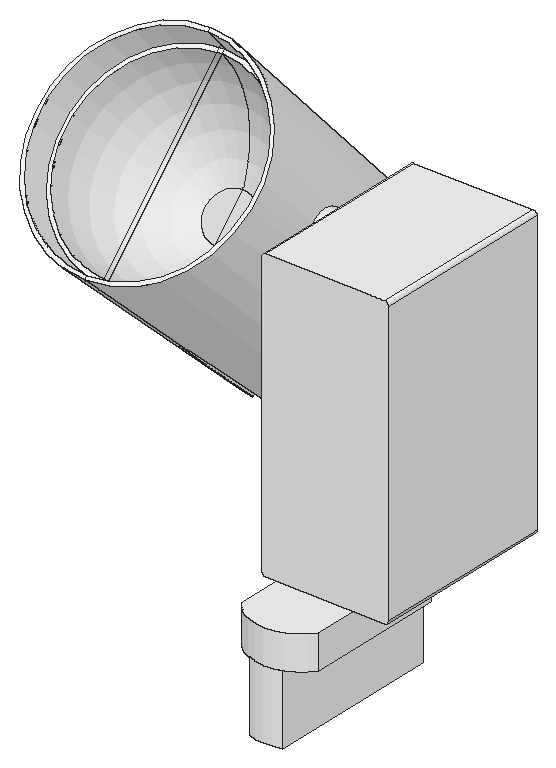
Revit family "0004871 Feilo Sylvania Lighting Fixture START TRACK SPOT S 14W 4K RA90 NB WHITE", category Lighting Fixtures, host Face, Revit 2017
Family settings
  Host = Face
  Round Connector Dimension = Use Diameter
  Part Type = Normal
  OmniClass Number = 23.80.70.00
  OmniClass Title = Lighting
  Cut with Voids When Loaded = No
  Light Source = No
  Shared = No
  Room Calculation Point = No
Parameters (values of type "0004871 START TRACK SPOT S 14W 4K RA90 NB WHITE")
  Weight = "0.94 kg"
  Wattage Comments = ""
  WarrantyStartDate [instance] = "n/a"
  WarrantyGuarantorParts = "n/a"
  WarrantyDurationUnit = "n/a"
  WarrantyDurationParts = "n/a"
  WarrantyDescription = "n/a"
  Voltage = 230 V
  URL = "http://www.sylvania-lighting.com"
  TypeName = "START TRACK SPOT S 14W 4K RA90 NB WHITE"
  TypeHead_FEILO = Start Track Spot Head : 0004871 START TRACK SPOT S 14W 4K RA90 NB WHITE
  TypeBox_FEILO = Start Track Spot Box : Type Small White
  Type Image = <None>
  Type Comments = "n/a"
  VerticalRotation_FEILO [instance] = 0.00°
  SlideEndAngle_FEILO [instance] = VerticalRotation_FEILO + 180.00°  # 180.00°
  SerialNumber [instance] = "n/a"
  Material_3_FEILO = none
  PowerFactor = 0.92
  PowerConsumption = "14 W"
  NominalLength = 0 mm
  NominalHeight = 200 mm
  NominalDepth = 140 mm
  Name = "START TRACK SPOT S 14W 4K RA90 NB WHITE"
  ModelReference = Name  # "START TRACK SPOT S 14W 4K RA90 NB WHITE"
  ModelNumber = "0004871"
  Model = Name  # "START TRACK SPOT S 14W 4K RA90 NB WHITE"
  Material = "adc12 aluminium housing, polycarbonate diffuser"
  ManufacturerName = "Feilo Sylvania"
  Manufacturer = "Feilo Sylvania"
  LuminousEfficacy = "96 lm/W"
  LuminaireType = ""
  LightOutputRatio = "100"
  LampsType = Lamp  # "LED"
  LampNominalLuminous = "1349 lm"
  LampMacAdamStep = "3"
  LampColourTemperature = "4000 K"
  LampColourRenderingIndex = "90"
  Lamp = "LED"
  Keynote = "16500"
  InstallationDate [instance] = "n/a"
  InputVoltage = "230-240V~"
  InputNominalFrequency = "50/60 Hz"
  IngressProtection = "IP20"
  ImpactProtectionIndex = "IK02"
  IfcExportType = "IfcLightFixtureType"
  IfcExportAs = "IfcLightFixtureType"
  HorizontalRotation_FEILO [instance] = 45.00°
  ExpectedLife = 50000
  ElectricShockClassification = "Class II"
  DurationUnit = "hours"
  DocumentationLiterature = "http://www.sylvania-lighting.com/product/en-int/products/0004871"
  DimmingControlOptions = "Non dimmable"
  Material_2_FEILO = none
  Description = "Integrated LED spotlight, Textured White - RAL9016, compact and minimalist design, ideal for retail applications, die-cast aluminium body, passive cooling heatsink. Beam angle: 12°, color temperature: 4000K , total system power: 14W, total fixture output: 1349 lm, LOR: 100%, colour rendering: Ra: 90 typical, LED Chromaticity: 3 step MacAdam ellipse, lifetime: >50000 hours at L70B50, energy class: A++, A+, A, IR/UV free light source without heat radiation, operating voltage: 220-240V / 50-60Hz, drive current: 350mA, electronic driver, non-dimmable, power factor: 0.92, electrical protection: Class II, Global Track 3 Phase adapter suitable for Global trac 3-circuit tracks, ingress protection rating: IP20, suitable for internal environment only, horizontal rotation: 355°, vertical tilt: 90°, dimensions: Ø86x140x200, weight: 0.940kg."
  Default Elevation = 1219.2 mm
  CreatedOn = "12/12/2017"
  CreatedBy = ""
  Cost = 0
  built-in parameter 1114216 [instance] = (empty or 0)
  ClassificationValue = "EF_70_80"
  ClassificationName = "Uniclass2015"
  Material_1_FEILO = Body-Sylvania-StartTrackSpot-White
  BarCode [instance] = "n/a"
  AssetType = "Fixed"
  AssetIdentifier [instance] = "n/a"
  Assembly Code = "D5020200"
  Apparent Load = 14 VA
  Material_4_FEILO = none
Reference planes
  plane 1 "Center (Front/Back)": y = 0
  plane 2: z = 0
  plane 3 "Center (Left/Right)": x = 0
  plane 4: x = 15
  plane 5: x = -15
  plane 6: y = 35
  plane 7: y = -35
  plane 8: z = 13
  plane 9: z = -27
  plane 10: x = 6.5
  plane 11: x = -6.5
  plane 12: y = 27
  plane 13: y = -27
  plane 14: y = 20
Forms (mm)
  Extrusion 1, solid, material "Body-Sylvania-StartTrackSpot-White" <- "Material_1_FEILO"
    sketch origin (0, 0, 0) x (1, 0, 0) y (0, 1, 0)
      loop
        line (-15, 27) -> (-15, -27)
        arc (-15, -27) -> (0, -35) -> (15, -27) r 18.062
        line (15, -27) -> (15, 27)
        arc (15, 27) -> (0, 35) -> (-15, 27) r 18.062
    from 0 to 13
  Extrusion 2, solid, material "Body-Sylvania-StartTrackSpot-White" <- "Material_1_FEILO"
    sketch origin (0, 0, 0) x (1, 0, 0) y (0, 1, 0)
      loop
        arc (6.5, 33.79) -> (0, 35) -> (-6.5, 33.79) r 18.062
        line (-6.5, 33.79) -> (-6.5, -33.79)
        arc (-6.5, -33.79) -> (0, -35) -> (6.5, -33.79) r 18.062
        line (6.5, -33.79) -> (6.5, 33.79)
    from 0 to -27
  Revolve 3, solid, not visible
    sketch origin (1524, 20, 1219.2) x (1, 0, 0) y (0, 0, 1)
      loop
        line (-1524, -1206.2) -> (-1524, -1191.285) -> (-1530.5, -1191.285) -> (-1530.5, -1206.2) -> (-1524, -1206.2)
      axis (-1524, -1191.285) -> (-1524, -1206.2)
    angle from 0 <- "VerticalRotation_FEILO" to 180 <- "SlideEndAngle_FEILO"
Cuts and joins
  joined: Extrusion 1, Extrusion 2
Dimensions and locks
  equal spacing: plane 10, plane 3 "Center (Left/Right)", plane 11
  equal spacing: plane 4, plane 3 "Center (Left/Right)", plane 5
  locked: plane 8 to plane 2 at 13
  locked: plane 8 to plane 9 at 40
  equal spacing: plane 13, plane 1 "Center (Front/Back)", plane 12
  locked: plane 12 to plane 6 at 8
  locked: plane 14 to plane 6 at 15
  locked: Revolve 3 sketch curve to plane 8 at 14.915
  aligned and locked: plane 2 to host face
  aligned and locked: level to host face
  aligned and locked: plane 5 to Extrusion 1 sketch curve  (x2)
  aligned and locked: plane 12 to Extrusion 1 sketch curve
  aligned and locked: plane 13 to Extrusion 1 sketch curve
  aligned and locked: plane 4 to Extrusion 1 sketch curve
  aligned and locked: Extrusion 1 to plane 8
  aligned and locked: Extrusion 1 to level
  aligned and locked: Extrusion 2 sketch curve to Extrusion 1  (x2)
  aligned and locked: Extrusion 2 sketch curve to plane 11
  aligned and locked: plane 10 to Extrusion 2 sketch curve
  aligned and locked: plane 9 to Extrusion 2
  aligned and locked: level to Extrusion 2
  aligned and locked: Revolve 3 sketch curve to plane 3 "Center (Left/Right)"  (x2)
  aligned and locked: plane 11 to Revolve 3 sketch curve
  aligned and locked: Revolve 3 sketch curve to plane 8
Automatic sketch dimensions
  host sketch curve to host sketch curve = 2438.4 mm  (x2)
  Extrusion 1 sketch curve to plane 3 "Center (Left/Right)" = 0 mm  (x2)
  Extrusion 1 sketch curve to plane 13 = 10.062 mm
  plane 12 to Extrusion 1 sketch curve = 10.062 mm
  Revolve 3 sketch curve to plane 3 "Center (Left/Right)" = 0 mm
  plane 9 to Revolve 3 sketch curve = 582.6 mm
  Revolve 3 sketch curve to Revolve 3 sketch curve = 2581.144 mm
Nested families
  nested 1: "Start Track Spot Head" at (-62, 20, 112.529) x (0, 0.7071, 0.7071) z (0, 0.7071, -0.7071), type <- "TypeHead_FEILO", type "0004871 START TRACK SPOT S 14W 4K RA90 NB WHITE"
    with built-in parameter 1114216 (empty or 0)
  nested 2: "Start Track Spot Box" at (8.5, 20, 73) x (-1, 0, 0) z (0, -1, 0), BoxStartAngle_FEILO <- "HorizontalRotation_FEILO", type <- "TypeBox_FEILO", type "Type Small White"
    with BoxStartAngle_FEILO 45.00°, BoxEndAngle_FEILO -135.00°
Connectors
  electrical at (0, 0, 0), driven by "Apparent Load", driven by "PowerFactor", driven by "Voltage"
    settings: index 1, voltage 230 V, apparent load 14 VA, apparent load phase1 0 VA, apparent load phase2 0 VA, apparent load phase3 0 VA, power factor 0.92, load classification "Lighting", number of poles 1, system type 30, power factor state 1, is connector primary yes, connector utility no, sub classification motor no, connector description ""
Definition of nested family "Start Track Spot Head"
  Parameters (values of type "0004811 START TRACK SPOT S 14W 3K RA80 NB WHITE")
    Wattage Comments = "n/a"
    Wattage = 14 W
    built-in parameter 1150110 = 1 (stored number, unit not read)
    URL = "http://www.feilosylvania.com"
    Type Image = (empty or 0)
    Type Comments = "n/a"
    built-in parameter 1114217 = 1 (stored number, unit not read)
    Tilt Angle = -90.00°
    built-in parameter 1150109 = 1 (stored number, unit not read)
    built-in parameter 1150134 = (empty or 0)
    built-in parameter 1150113 = 1 (stored number, unit not read)
    Photometric Web File = "0004811.ies"
    Material_3_FEILO = none
    Model = "START TRACK SPOT S 14W 3K RA80 NB WHITE"
    Manufacturer = "Feilo Sylvania"
    built-in parameter 1150105 = 123.66 (stored number, unit not read)
    Lumens = 1554 lm
    built-in parameter 1150115 = 1 (stored number, unit not read)
    built-in parameter 1150137 = (empty or 0)
    built-in parameter 1150139 = (empty or 0)
    built-in parameter 1150112 = 1 (stored number, unit not read)
    built-in parameter 1150114 = 1 (stored number, unit not read)
    Lamp = "LED"
    Keynote = "16500"
    Material_2_FEILO = none
    built-in parameter 1150132 = (empty or 0)
    built-in parameter 1150102 = (empty or 0)
    built-in parameter 1150107 = 3000 (stored number, unit not read)
    built-in parameter 1150138 = (empty or 0)
    built-in parameter 1150106 = 1.2366 (stored number, unit not read)
    HeadThickness_FEILO = if(HeadDiaOut_FEILO > 112 mm, 2 mm, 1.5 mm)  # 1.5 mm
    HeadRibOffset_FEILO = HeadHeight_FEILO / 28  # 4.179 mm
    HeadRibDepth_FEILO = HeadHeight_FEILO / 2.1  # 55.714 mm
    HeadRibCutWidth_FEILO = HeadDiaOut_FEILO / 12  # 7.167 mm
    HeadRibCutOffset_FEILO = HeadHeight_FEILO / 2.3  # 50.87 mm
    HeadReflectorRadius_FEILO = HeadDiaOut_FEILO / 1.7  # 50.588 mm
    HeadReflectorOffset_FEILO = HeadHeight_FEILO / 2.1  # 55.714 mm
    HeadLEDRadius_FEILO = HeadDiaOut_FEILO / 9  # 9.556 mm
    HeadHeight_FEILO = 117 mm
    HeadDraft_FEILO = 1 mm
    HeadDiffusorThickness_FEILO = 3 mm
    HeadDiffusorOffset_FEILO = HeadHeight_FEILO / 12.4  # 9.435 mm
    HeadDiaOut_FEILO = 86 mm
    HeadDiaIn_FEILO = HeadDiaOut_FEILO / 1.11  # 77.477 mm
    HeadAxisFromTop_FEILO = HeadHeight_FEILO / 1.687  # 69.354 mm
    Emit from Circle Diameter = HeadDiaIn_FEILO  # 77.477 mm
    Emit Shape Visible in Rendering = no
    built-in parameter 1150104 = 10.312 (stored number, unit not read)
    Dimming Lamp Color Temperature Shift = (empty or 0)
    Description = "Integrated LED spotlight, Textured White - RAL9016, compact and minimalist design, ideal for retail applications, die-cast aluminium body, passive cooling heatsink. Beam angle: 12°, color temperature: 3000K , total system power: 14W, total fixture output: 1551 lm, LOR: 100%, colour rendering: Ra: 80 typical, LED Chromaticity: 3 step MacAdam ellipse, lifetime: >50000 hours at L70B50, energy class: A++, A+, A, IR/UV free light source without heat radiation, operating voltage: 220-240V / 50-60Hz, drive current: 350mA, electronic driver, non-dimmable, power factor: 0.92, electrical protection: Class II, Global Track 3 Phase adapter suitable for Global trac 3-circuit tracks, ingress protection rating: IP20, suitable for internal environment only, horizontal rotation: 355°, vertical tilt: 90°, dimensions: Ø86x140x200, weight: 0.940kg."
    Default Elevation = 1219.2 mm
    Cost = 0
    Color Filter = 16777215
    built-in parameter 1114216 [instance] = (empty or 0)
    Material_1_FEILO = none
    built-in parameter 1114218 = 1 (stored number, unit not read)
    built-in parameter 1150133 = 10 (stored number, unit not read)
    Assembly Code = "D5020200"
    Apparent Load = 14 VA
    Material_4_FEILO = none
  Types (96, lengths in mm): name | Wattage | built-in parameter 1150134 | Photometric Web File | Model | built-in parameter 1150105 | Lumens | built-in parameter 1150107 | built-in parameter 1150106 | HeadThickness_FEILO | HeadRibOffset_FEILO | HeadRibDepth_FEILO | HeadRibCutWidth_FEILO | HeadRibCutOffset_FEILO | HeadReflectorRadius_FEILO | HeadReflectorOffset_FEILO | HeadLEDRadius_FEILO | HeadHeight_FEILO | HeadDiffusorOffset_FEILO | HeadDiaOut_FEILO | HeadDiaIn_FEILO | HeadAxisFromTop_FEILO | Emit from Circle Diameter | built-in parameter 1150104 | Description | Apparent Load
    0004906 START TRACK SPOT L 55W 4K RA90 WB BLACK | 55 W | 12 | "0004906.ies" | "START TRACK SPOT L 55W 4K RA90 WB BLACK" | 385.15 (stored number, unit not read) | 4840 lm | 4000 (stored number, unit not read) | 3.8515 (stored number, unit not read) | 2 | 4.429 | 59.048 | 9.417 | 53.913 | 66.471 | 59.048 | 12.556 | 124 | 10 | 113 | 101.802 | 73.503 | 101.802 | 8.1755 (stored number, unit not read) | "Integrated LED spotlight, Textured Black - RAL9005, compact and minimalist design, ideal for retail applications, die-cast aluminium body, passive cooling heatsink. Beam angle: 52°, color temperature: 4000K , total system power: 55W, total fixture output: 4824 lm, LOR: 100%, colour rendering: Ra: 90 typical, LED Chromaticity: 3 step MacAdam ellipse, lifetime: >50000 hours at L70B50, energy class: A++, A+, A, IR/UV free light source without heat radiation, operating voltage: 220-240V / 50-60Hz, drive current: 1400mA, electronic driver, non-dimmable, power factor: 0.96, electrical protection: Class II, Global Track 3 Phase adapter suitable for Global trac 3-circuit tracks, ingress protection rating: IP20, suitable for internal environment only, horizontal rotation: 355°, vertical tilt: 90°, dimensions: Ø113x164x240, weight: 1.398kg." | 55 VA
    0004905 START TRACK SPOT L 55W 4K RA90 MB BLACK | 55 W | 12 | "0004905.ies" | "START TRACK SPOT L 55W 4K RA90 MB BLACK" | 389.53 (stored number, unit not read) | 4895 lm | 4000 (stored number, unit not read) | 3.8953 (stored number, unit not read) | 2 | 4.429 | 59.048 | 9.417 | 53.913 | 66.471 | 59.048 | 12.556 | 124 | 10 | 113 | 101.802 | 73.503 | 101.802 | 8.2684 (stored number, unit not read) | "Integrated LED spotlight, Textured Black - RAL9005, compact and minimalist design, ideal for retail applications, die-cast aluminium body, passive cooling heatsink. Beam angle: 38°, color temperature: 4000K , total system power: 55W, total fixture output: 4897 lm, LOR: 100%, colour rendering: Ra: 90 typical, LED Chromaticity: 3 step MacAdam ellipse, lifetime: >50000 hours at L70B50, energy class: A++, A+, A, IR/UV free light source without heat radiation, operating voltage: 220-240V / 50-60Hz, drive current: 1400mA, electronic driver, non-dimmable, power factor: 0.96, electrical protection: Class II, Global Track 3 Phase adapter suitable for Global trac 3-circuit tracks, ingress protection rating: IP20, suitable for internal environment only, horizontal rotation: 355°, vertical tilt: 90°, dimensions: Ø113x164x240, weight: 1.398kg." | 55 VA
    0004904 START TRACK SPOT L 55W 4K RA90 NB BLACK | 55 W | 12 | "0004904.ies" | "START TRACK SPOT L 55W 4K RA90 NB BLACK" | 393.91 (stored number, unit not read) | 4950 lm | 4000 (stored number, unit not read) | 3.9391 (stored number, unit not read) | 2 | 4.429 | 59.048 | 9.417 | 53.913 | 66.471 | 59.048 | 12.556 | 124 | 10 | 113 | 101.802 | 73.503 | 101.802 | 8.3613 (stored number, unit not read) | "Integrated LED spotlight, Textured Black - RAL9005, compact and minimalist design, ideal for retail applications, die-cast aluminium body, passive cooling heatsink. Beam angle: 15°, color temperature: 4000K , total system power: 55W, total fixture output: 4965 lm, LOR: 100%, colour rendering: Ra: 90 typical, LED Chromaticity: 3 step MacAdam ellipse, lifetime: >50000 hours at L70B50, energy class: A++, A+, A, IR/UV free light source without heat radiation, operating voltage: 220-240V / 50-60Hz, drive current: 1400mA, electronic driver, non-dimmable, power factor: 0.96, electrical protection: Class II, Global Track 3 Phase adapter suitable for Global trac 3-circuit tracks, ingress protection rating: IP20, suitable for internal environment only, horizontal rotation: 355°, vertical tilt: 90°, dimensions: Ø113x164x240, weight: 1.398kg." | 55 VA
    0004903 START TRACK SPOT L 35W 4K RA90 WB BLACK | 35 W | 12 | "0004903.ies" | "START TRACK SPOT L 35W 4K RA90 WB BLACK" | 284.09 (stored number, unit not read) | 3570 lm | 4000 (stored number, unit not read) | 2.8409 (stored number, unit not read) | 2 | 4.429 | 59.048 | 9.417 | 53.913 | 66.471 | 59.048 | 12.556 | 124 | 10 | 113 | 101.802 | 73.503 | 101.802 | 9.4761 (stored number, unit not read) | "Integrated LED spotlight, Textured Black - RAL9005, compact and minimalist design, ideal for retail applications, die-cast aluminium body, passive cooling heatsink. Beam angle: 52°, color temperature: 4000K , total system power: 35W, total fixture output: 3562 lm, LOR: 100%, colour rendering: Ra: 90 typical, LED Chromaticity: 3 step MacAdam ellipse, lifetime: >50000 hours at L70B50, energy class: A++, A+, A, IR/UV free light source without heat radiation, operating voltage: 220-240V / 50-60Hz, drive current: 900mA, electronic driver, non-dimmable, power factor: 0.93, electrical protection: Class II, Global Track 3 Phase adapter suitable for Global trac 3-circuit tracks, ingress protection rating: IP20, suitable for internal environment only, horizontal rotation: 355°, vertical tilt: 90°, dimensions: Ø113x164x240, weight: 1.368kg." | 35 VA
    0004902 START TRACK SPOT L 35W 4K RA90 MB BLACK | 35 W | 12 | "0004902.ies" | "START TRACK SPOT L 35W 4K RA90 MB BLACK" | 286.88 (stored number, unit not read) | 3605 lm | 4000 (stored number, unit not read) | 2.8688 (stored number, unit not read) | 2 | 4.429 | 59.048 | 9.417 | 53.913 | 66.471 | 59.048 | 12.556 | 124 | 10 | 113 | 101.802 | 73.503 | 101.802 | 9.569 (stored number, unit not read) | "Integrated LED spotlight, Textured Black - RAL9005, compact and minimalist design, ideal for retail applications, die-cast aluminium body, passive cooling heatsink. Beam angle: 38°, color temperature: 4000K , total system power: 35W, total fixture output: 3616 lm, LOR: 100%, colour rendering: Ra: 90 typical, LED Chromaticity: 3 step MacAdam ellipse, lifetime: >50000 hours at L70B50, energy class: A++, A+, A, IR/UV free light source without heat radiation, operating voltage: 220-240V / 50-60Hz, drive current: 900mA, electronic driver, non-dimmable, power factor: 0.93, electrical protection: Class II, Global Track 3 Phase adapter suitable for Global trac 3-circuit tracks, ingress protection rating: IP20, suitable for internal environment only, horizontal rotation: 355°, vertical tilt: 90°, dimensions: Ø113x164x240, weight: 1.368kg." | 35 VA
    0004901 START TRACK SPOT L 35W 4K RA90 NB BLACK | 35 W | 12 | "0004901.ies" | "START TRACK SPOT L 35W 4K RA90 NB BLACK" | 286.88 (stored number, unit not read) | 3605 lm | 4000 (stored number, unit not read) | 2.8688 (stored number, unit not read) | 2 | 4.429 | 59.048 | 9.417 | 53.913 | 66.471 | 59.048 | 12.556 | 124 | 10 | 113 | 101.802 | 73.503 | 101.802 | 9.569 (stored number, unit not read) | "Integrated LED spotlight, Textured Black - RAL9005, compact and minimalist design, ideal for retail applications, die-cast aluminium body, passive cooling heatsink. Beam angle: 15°, color temperature: 4000K , total system power: 35W, total fixture output: 3593 lm, LOR: 100%, colour rendering: Ra: 90 typical, LED Chromaticity: 3 step MacAdam ellipse, lifetime: >50000 hours at L70B50, energy class: A++, A+, A, IR/UV free light source without heat radiation, operating voltage: 220-240V / 50-60Hz, drive current: 900mA, electronic driver, non-dimmable, power factor: 0.93, electrical protection: Class II, Global Track 3 Phase adapter suitable for Global trac 3-circuit tracks, ingress protection rating: IP20, suitable for internal environment only, horizontal rotation: 355°, vertical tilt: 90°, dimensions: Ø113x164x240, weight: 1.368kg." | 35 VA
    0004900 START TRACK SPOT S 24W 4K RA90 WB BLACK | 24 W | 12 | "0004900.ies" | "START TRACK SPOT S 24W 4K RA90 WB BLACK" | 166.16 (stored number, unit not read) | 2088 lm | 4000 (stored number, unit not read) | 1.6616 (stored number, unit not read) | 1.5 | 4.179 | 55.714 | 7.167 | 50.87 | 50.588 | 55.714 | 9.556 | 117 | 9.435 | 86 | 77.477 | 69.354 | 77.477 | 8.0826 (stored number, unit not read) | "Integrated LED spotlight, Textured Black - RAL9005, compact and minimalist design, ideal for retail applications, die-cast aluminium body, passive cooling heatsink. Beam angle: 64°, color temperature: 4000K , total system power: 24W, total fixture output: 2087 lm, LOR: 100%, colour rendering: Ra: 90 typical, LED Chromaticity: 3 step MacAdam ellipse, lifetime: >50000 hours at L70B50, energy class: A++, A+, A, IR/UV free light source without heat radiation, operating voltage: 220-240V / 50-60Hz, drive current: 600mA, electronic driver, non-dimmable, power factor: 0.95, electrical protection: Class II, Global Track 3 Phase adapter suitable for Global trac 3-circuit tracks, ingress protection rating: IP20, suitable for internal environment only, horizontal rotation: 355°, vertical tilt: 90°, dimensions: Ø86x140x200, weight: 0.966kg." | 24 VA
    0004899 START TRACK SPOT S 24W 4K RA90 MB BLACK | 24 W | 12 | "0004899.ies" | "START TRACK SPOT S 24W 4K RA90 MB BLACK" | 169.98 (stored number, unit not read) | 2136 lm | 4000 (stored number, unit not read) | 1.6998 (stored number, unit not read) | 1.5 | 4.179 | 55.714 | 7.167 | 50.87 | 50.588 | 55.714 | 9.556 | 117 | 9.435 | 86 | 77.477 | 69.354 | 77.477 | 8.2684 (stored number, unit not read) | "Integrated LED spotlight, Textured Black - RAL9005, compact and minimalist design, ideal for retail applications, die-cast aluminium body, passive cooling heatsink. Beam angle: 36°, color temperature: 4000K , total system power: 24W, total fixture output: 2141 lm, LOR: 100%, colour rendering: Ra: 90 typical, LED Chromaticity: 3 step MacAdam ellipse, lifetime: >50000 hours at L70B50, energy class: A++, A+, A, IR/UV free light source without heat radiation, operating voltage: 220-240V / 50-60Hz, drive current: 600mA, electronic driver, non-dimmable, power factor: 0.95, electrical protection: Class II, Global Track 3 Phase adapter suitable for Global trac 3-circuit tracks, ingress protection rating: IP20, suitable for internal environment only, horizontal rotation: 355°, vertical tilt: 90°, dimensions: Ø86x140x200, weight: 0.966kg." | 24 VA
    0004898 START TRACK SPOT S 24W 4K RA90 NB BLACK | 24 W | 12 | "0004898.ies" | "START TRACK SPOT S 24W 4K RA90 NB BLACK" | 171.89 (stored number, unit not read) | 2160 lm | 4000 (stored number, unit not read) | 1.7189 (stored number, unit not read) | 1.5 | 4.179 | 55.714 | 7.167 | 50.87 | 50.588 | 55.714 | 9.556 | 117 | 9.435 | 86 | 77.477 | 69.354 | 77.477 | 8.3613 (stored number, unit not read) | "Integrated LED spotlight, Textured Black - RAL9005, compact and minimalist design, ideal for retail applications, die-cast aluminium body, passive cooling heatsink. Beam angle: 12°, color temperature: 4000K , total system power: 24W, total fixture output: 2155 lm, LOR: 100%, colour rendering: Ra: 90 typical, LED Chromaticity: 3 step MacAdam ellipse, lifetime: >50000 hours at L70B50, energy class: A++, A+, A, IR/UV free light source without heat radiation, operating voltage: 220-240V / 50-60Hz, drive current: 600mA, electronic driver, non-dimmable, power factor: 0.95, electrical protection: Class II, Global Track 3 Phase adapter suitable for Global trac 3-circuit tracks, ingress protection rating: IP20, suitable for internal environment only, horizontal rotation: 355°, vertical tilt: 90°, dimensions: Ø86x140x200, weight: 0.966kg." | 24 VA
    0004897 START TRACK SPOT S 14W 4K RA90 WB BLACK | 14 W | 12 | "0004897.ies" | "START TRACK SPOT S 14W 4K RA90 WB BLACK" | 108.07 (stored number, unit not read) | 1358 lm | 4000 (stored number, unit not read) | 1.0807 (stored number, unit not read) | 1.5 | 4.179 | 55.714 | 7.167 | 50.87 | 50.588 | 55.714 | 9.556 | 117 | 9.435 | 86 | 77.477 | 69.354 | 77.477 | 9.0116 (stored number, unit not read) | "Integrated LED spotlight, Textured Black - RAL9005, compact and minimalist design, ideal for retail applications, die-cast aluminium body, passive cooling heatsink. Beam angle: 64°, color temperature: 4000K , total system power: 14W, total fixture output: 1352 lm, LOR: 100%, colour rendering: Ra: 90 typical, LED Chromaticity: 3 step MacAdam ellipse, lifetime: >50000 hours at L70B50, energy class: A++, A+, A, IR/UV free light source without heat radiation, operating voltage: 220-240V / 50-60Hz, drive current: 350mA, electronic driver, non-dimmable, power factor: 0.92, electrical protection: Class II, Global Track 3 Phase adapter suitable for Global trac 3-circuit tracks, ingress protection rating: IP20, suitable for internal environment only, horizontal rotation: 355°, vertical tilt: 90°, dimensions: Ø86x140x200, weight: 0.940kg." | 14 VA
    0004896 START TRACK SPOT S 14W 4K RA90 MB BLACK | 14 W | 12 | "0004896.ies" | "START TRACK SPOT S 14W 4K RA90 MB BLACK" | 108.07 (stored number, unit not read) | 1358 lm | 4000 (stored number, unit not read) | 1.0807 (stored number, unit not read) | 1.5 | 4.179 | 55.714 | 7.167 | 50.87 | 50.588 | 55.714 | 9.556 | 117 | 9.435 | 86 | 77.477 | 69.354 | 77.477 | 9.0116 (stored number, unit not read) | "Integrated LED spotlight, Textured Black - RAL9005, compact and minimalist design, ideal for retail applications, die-cast aluminium body, passive cooling heatsink. Beam angle: 36°, color temperature: 4000K , total system power: 14W, total fixture output: 1359 lm, LOR: 100%, colour rendering: Ra: 90 typical, LED Chromaticity: 3 step MacAdam ellipse, lifetime: >50000 hours at L70B50, energy class: A++, A+, A, IR/UV free light source without heat radiation, operating voltage: 220-240V / 50-60Hz, drive current: 350mA, electronic driver, non-dimmable, power factor: 0.92, electrical protection: Class II, Global Track 3 Phase adapter suitable for Global trac 3-circuit tracks, ingress protection rating: IP20, suitable for internal environment only, horizontal rotation: 355°, vertical tilt: 90°, dimensions: Ø86x140x200, weight: 0.940kg." | 14 VA
    0004895 START TRACK SPOT S 14W 4K RA90 NB BLACK | 14 W | 12 | "0004895.ies" | "START TRACK SPOT S 14W 4K RA90 NB BLACK" | 106.95 (stored number, unit not read) | 1344 lm | 4000 (stored number, unit not read) | 1.0695 (stored number, unit not read) | 1.5 | 4.179 | 55.714 | 7.167 | 50.87 | 50.588 | 55.714 | 9.556 | 117 | 9.435 | 86 | 77.477 | 69.354 | 77.477 | 8.9187 (stored number, unit not read) | "Integrated LED spotlight, Textured Black - RAL9005, compact and minimalist design, ideal for retail applications, die-cast aluminium body, passive cooling heatsink. Beam angle: 12°, color temperature: 4000K , total system power: 14W, total fixture output: 1349 lm, LOR: 100%, colour rendering: Ra: 90 typical, LED Chromaticity: 3 step MacAdam ellipse, lifetime: >50000 hours at L70B50, energy class: A++, A+, A, IR/UV free light source without heat radiation, operating voltage: 220-240V / 50-60Hz, drive current: 350mA, electronic driver, non-dimmable, power factor: 0.92, electrical protection: Class II, Global Track 3 Phase adapter suitable for Global trac 3-circuit tracks, ingress protection rating: IP20, suitable for internal environment only, horizontal rotation: 355°, vertical tilt: 90°, dimensions: Ø86x140x200, weight: 0.940kg." | 14 VA
    0004894 START TRACK SPOT L 55W 3K RA90 WB BLACK | 55 W | (empty or 0) | "0004894.ies" | "START TRACK SPOT L 55W 3K RA90 WB BLACK" | 350.14 (stored number, unit not read) | 4400 lm | 3000 (stored number, unit not read) | 3.5014 (stored number, unit not read) | 2 | 4.429 | 59.048 | 9.417 | 53.913 | 66.471 | 59.048 | 12.556 | 124 | 10 | 113 | 101.802 | 73.503 | 101.802 | 7.4322 (stored number, unit not read) | "Integrated LED spotlight, Textured Black - RAL9005, compact and minimalist design, ideal for retail applications, die-cast aluminium body, passive cooling heatsink. Beam angle: 52°, color temperature: 3000K , total system power: 55W, total fixture output: 4405 lm, LOR: 100%, colour rendering: Ra: 90 typical, LED Chromaticity: 3 step MacAdam ellipse, lifetime: >50000 hours at L70B50, energy class: A++, A+, A, IR/UV free light source without heat radiation, operating voltage: 220-240V / 50-60Hz, drive current: 1400mA, electronic driver, non-dimmable, power factor: 0.96, electrical protection: Class II, Global Track 3 Phase adapter suitable for Global trac 3-circuit tracks, ingress protection rating: IP20, suitable for internal environment only, horizontal rotation: 355°, vertical tilt: 90°, dimensions: Ø113x164x240, weight: 1.398kg." | 55 VA
    0004893 START TRACK SPOT L 55W 3K RA90 MB BLACK | 55 W | (empty or 0) | "0004893.ies" | "START TRACK SPOT L 55W 3K RA90 MB BLACK" | 354.52 (stored number, unit not read) | 4455 lm | 3000 (stored number, unit not read) | 3.5452 (stored number, unit not read) | 2 | 4.429 | 59.048 | 9.417 | 53.913 | 66.471 | 59.048 | 12.556 | 124 | 10 | 113 | 101.802 | 73.503 | 101.802 | 7.5251 (stored number, unit not read) | "Integrated LED spotlight, Textured Black - RAL9005, compact and minimalist design, ideal for retail applications, die-cast aluminium body, passive cooling heatsink. Beam angle: 38°, color temperature: 3000K , total system power: 55W, total fixture output: 4448 lm, LOR: 100%, colour rendering: Ra: 90 typical, LED Chromaticity: 3 step MacAdam ellipse, lifetime: >50000 hours at L70B50, energy class: A++, A+, A, IR/UV free light source without heat radiation, operating voltage: 220-240V / 50-60Hz, drive current: 1400mA, electronic driver, non-dimmable, power factor: 0.96, electrical protection: Class II, Global Track 3 Phase adapter suitable for Global trac 3-circuit tracks, ingress protection rating: IP20, suitable for internal environment only, horizontal rotation: 355°, vertical tilt: 90°, dimensions: Ø113x164x240, weight: 1.398kg." | 55 VA
    0004892 START TRACK SPOT L 55W 3K RA90 NB BLACK | 55 W | (empty or 0) | "0004892.ies" | "START TRACK SPOT L 55W 3K RA90 NB BLACK" | 350.14 (stored number, unit not read) | 4400 lm | 3000 (stored number, unit not read) | 3.5014 (stored number, unit not read) | 2 | 4.429 | 59.048 | 9.417 | 53.913 | 66.471 | 59.048 | 12.556 | 124 | 10 | 113 | 101.802 | 73.503 | 101.802 | 7.4322 (stored number, unit not read) | "Integrated LED spotlight, Textured Black - RAL9005, compact and minimalist design, ideal for retail applications, die-cast aluminium body, passive cooling heatsink. Beam angle: 15°, color temperature: 3000K , total system power: 55W, total fixture output: 4416 lm, LOR: 100%, colour rendering: Ra: 90 typical, LED Chromaticity: 3 step MacAdam ellipse, lifetime: >50000 hours at L70B50, energy class: A++, A+, A, IR/UV free light source without heat radiation, operating voltage: 220-240V / 50-60Hz, drive current: 1400mA, electronic driver, non-dimmable, power factor: 0.96, electrical protection: Class II, Global Track 3 Phase adapter suitable for Global trac 3-circuit tracks, ingress protection rating: IP20, suitable for internal environment only, horizontal rotation: 355°, vertical tilt: 90°, dimensions: Ø113x164x240, weight: 1.398kg." | 55 VA
    0004891 START TRACK SPOT L 35W 3K RA90 WB BLACK | 35 W | (empty or 0) | "0004891.ies" | "START TRACK SPOT L 35W 3K RA90 WB BLACK" | 259.02 (stored number, unit not read) | 3255 lm | 3000 (stored number, unit not read) | 2.5902 (stored number, unit not read) | 2 | 4.429 | 59.048 | 9.417 | 53.913 | 66.471 | 59.048 | 12.556 | 124 | 10 | 113 | 101.802 | 73.503 | 101.802 | 8.64 (stored number, unit not read) | "Integrated LED spotlight, Textured Black - RAL9005, compact and minimalist design, ideal for retail applications, die-cast aluminium body, passive cooling heatsink. Beam angle: 52°, color temperature: 3000K , total system power: 35W, total fixture output: 3260 lm, LOR: 100%, colour rendering: Ra: 90 typical, LED Chromaticity: 3 step MacAdam ellipse, lifetime: >50000 hours at L70B50, energy class: A++, A+, A, IR/UV free light source without heat radiation, operating voltage: 220-240V / 50-60Hz, drive current: 900mA, electronic driver, non-dimmable, power factor: 0.93, electrical protection: Class II, Global Track 3 Phase adapter suitable for Global trac 3-circuit tracks, ingress protection rating: IP20, suitable for internal environment only, horizontal rotation: 355°, vertical tilt: 90°, dimensions: Ø113x164x240, weight: 1.368kg." | 35 VA
    0004890 START TRACK SPOT L 35W 3K RA90 MB BLACK | 35 W | (empty or 0) | "0004890.ies" | "START TRACK SPOT L 35W 3K RA90 MB BLACK" | 261.81 (stored number, unit not read) | 3290 lm | 3000 (stored number, unit not read) | 2.6181 (stored number, unit not read) | 2 | 4.429 | 59.048 | 9.417 | 53.913 | 66.471 | 59.048 | 12.556 | 124 | 10 | 113 | 101.802 | 73.503 | 101.802 | 8.7329 (stored number, unit not read) | "Integrated LED spotlight, Textured Black - RAL9005, compact and minimalist design, ideal for retail applications, die-cast aluminium body, passive cooling heatsink. Beam angle: 38°, color temperature: 3000K , total system power: 35W, total fixture output: 3306 lm, LOR: 100%, colour rendering: Ra: 90 typical, LED Chromaticity: 3 step MacAdam ellipse, lifetime: >50000 hours at L70B50, energy class: A++, A+, A, IR/UV free light source without heat radiation, operating voltage: 220-240V / 50-60Hz, drive current: 900mA, electronic driver, non-dimmable, power factor: 0.93, electrical protection: Class II, Global Track 3 Phase adapter suitable for Global trac 3-circuit tracks, ingress protection rating: IP20, suitable for internal environment only, horizontal rotation: 355°, vertical tilt: 90°, dimensions: Ø113x164x240, weight: 1.368kg." | 35 VA
    0004889 START TRACK SPOT L 35W 3K RA90 NB BLACK | 35 W | (empty or 0) | "0004889.ies" | "START TRACK SPOT L 35W 3K RA90 NB BLACK" | 261.81 (stored number, unit not read) | 3290 lm | 3000 (stored number, unit not read) | 2.6181 (stored number, unit not read) | 2 | 4.429 | 59.048 | 9.417 | 53.913 | 66.471 | 59.048 | 12.556 | 124 | 10 | 113 | 101.802 | 73.503 | 101.802 | 8.7329 (stored number, unit not read) | "Integrated LED spotlight, Textured Black - RAL9005, compact and minimalist design, ideal for retail applications, die-cast aluminium body, passive cooling heatsink. Beam angle: 15°, color temperature: 3000K , total system power: 35W, total fixture output: 3287 lm, LOR: 100%, colour rendering: Ra: 90 typical, LED Chromaticity: 3 step MacAdam ellipse, lifetime: >50000 hours at L70B50, energy class: A++, A+, A, IR/UV free light source without heat radiation, operating voltage: 220-240V / 50-60Hz, drive current: 900mA, electronic driver, non-dimmable, power factor: 0.93, electrical protection: Class II, Global Track 3 Phase adapter suitable for Global trac 3-circuit tracks, ingress protection rating: IP20, suitable for internal environment only, horizontal rotation: 355°, vertical tilt: 90°, dimensions: Ø113x164x240, weight: 1.368kg." | 35 VA
    0004888 START TRACK SPOT S 24W 3K RA90 WB BLACK | 24 W | (empty or 0) | "0004888.ies" | "START TRACK SPOT S 24W 3K RA90 WB BLACK" | 152.79 (stored number, unit not read) | 1920 lm | 3000 (stored number, unit not read) | 1.5279 (stored number, unit not read) | 1.5 | 4.179 | 55.714 | 7.167 | 50.87 | 50.588 | 55.714 | 9.556 | 117 | 9.435 | 86 | 77.477 | 69.354 | 77.477 | 7.4322 (stored number, unit not read) | "Integrated LED spotlight, Textured Black - RAL9005, compact and minimalist design, ideal for retail applications, die-cast aluminium body, passive cooling heatsink. Beam angle: 64°, color temperature: 3000K , total system power: 24W, total fixture output: 1928 lm, LOR: 100%, colour rendering: Ra: 90 typical, LED Chromaticity: 3 step MacAdam ellipse, lifetime: >50000 hours at L70B50, energy class: A++, A+, A, IR/UV free light source without heat radiation, operating voltage: 220-240V / 50-60Hz, drive current: 600mA, electronic driver, non-dimmable, power factor: 0.95, electrical protection: Class II, Global Track 3 Phase adapter suitable for Global trac 3-circuit tracks, ingress protection rating: IP20, suitable for internal environment only, horizontal rotation: 355°, vertical tilt: 90°, dimensions: Ø86x140x200, weight: 0.966kg." | 24 VA
    0004887 START TRACK SPOT S 24W 3K RA90 MB BLACK | 24 W | (empty or 0) | "0004887.ies" | "START TRACK SPOT S 24W 3K RA90 MB BLACK" | 154.7 (stored number, unit not read) | 1944 lm | 3000 (stored number, unit not read) | 1.547 (stored number, unit not read) | 1.5 | 4.179 | 55.714 | 7.167 | 50.87 | 50.588 | 55.714 | 9.556 | 117 | 9.435 | 86 | 77.477 | 69.354 | 77.477 | 7.5251 (stored number, unit not read) | "Integrated LED spotlight, Textured Black - RAL9005, compact and minimalist design, ideal for retail applications, die-cast aluminium body, passive cooling heatsink. Beam angle: 36°, color temperature: 3000K , total system power: 24W, total fixture output: 1944 lm, LOR: 100%, colour rendering: Ra: 90 typical, LED Chromaticity: 3 step MacAdam ellipse, lifetime: >50000 hours at L70B50, energy class: A++, A+, A, IR/UV free light source without heat radiation, operating voltage: 220-240V / 50-60Hz, drive current: 600mA, electronic driver, non-dimmable, power factor: 0.95, electrical protection: Class II, Global Track 3 Phase adapter suitable for Global trac 3-circuit tracks, ingress protection rating: IP20, suitable for internal environment only, horizontal rotation: 355°, vertical tilt: 90°, dimensions: Ø86x140x200, weight: 0.966kg." | 24 VA
    0004886 START TRACK SPOT S 24W 3K RA90 NB BLACK | 24 W | (empty or 0) | "0004886.ies" | "START TRACK SPOT S 24W 3K RA90 NB BLACK" | 158.52 (stored number, unit not read) | 1992 lm | 3000 (stored number, unit not read) | 1.5852 (stored number, unit not read) | 1.5 | 4.179 | 55.714 | 7.167 | 50.87 | 50.588 | 55.714 | 9.556 | 117 | 9.435 | 86 | 77.477 | 69.354 | 77.477 | 7.711 (stored number, unit not read) | "Integrated LED spotlight, Textured Black - RAL9005, compact and minimalist design, ideal for retail applications, die-cast aluminium body, passive cooling heatsink. Beam angle: 12°, color temperature: 3000K , total system power: 24W, total fixture output: 1987 lm, LOR: 100%, colour rendering: Ra: 90 typical, LED Chromaticity: 3 step MacAdam ellipse, lifetime: >50000 hours at L70B50, energy class: A++, A+, A, IR/UV free light source without heat radiation, operating voltage: 220-240V / 50-60Hz, drive current: 600mA, electronic driver, non-dimmable, power factor: 0.95, electrical protection: Class II, Global Track 3 Phase adapter suitable for Global trac 3-circuit tracks, ingress protection rating: IP20, suitable for internal environment only, horizontal rotation: 355°, vertical tilt: 90°, dimensions: Ø86x140x200, weight: 0.966kg." | 24 VA
    0004885 START TRACK SPOT S 14W 3K RA90 WB BLACK | 14 W | (empty or 0) | "0004885.ies" | "START TRACK SPOT S 14W 3K RA90 WB BLACK" | 100.27 (stored number, unit not read) | 1260 lm | 3000 (stored number, unit not read) | 1.0027 (stored number, unit not read) | 1.5 | 4.179 | 55.714 | 7.167 | 50.87 | 50.588 | 55.714 | 9.556 | 117 | 9.435 | 86 | 77.477 | 69.354 | 77.477 | 8.3613 (stored number, unit not read) | "Integrated LED spotlight, Textured Black - RAL9005, compact and minimalist design, ideal for retail applications, die-cast aluminium body, passive cooling heatsink. Beam angle: 64°, color temperature: 3000K , total system power: 14W, total fixture output: 1262 lm, LOR: 100%, colour rendering: Ra: 90 typical, LED Chromaticity: 3 step MacAdam ellipse, lifetime: >50000 hours at L70B50, energy class: A++, A+, A, IR/UV free light source without heat radiation, operating voltage: 220-240V / 50-60Hz, drive current: 350mA, electronic driver, non-dimmable, power factor: 0.92, electrical protection: Class II, Global Track 3 Phase adapter suitable for Global trac 3-circuit tracks, ingress protection rating: IP20, suitable for internal environment only, horizontal rotation: 355°, vertical tilt: 90°, dimensions: Ø86x140x200, weight: 0.940kg." | 14 VA
    0004884 START TRACK SPOT S 14W 3K RA90 MB BLACK | 14 W | (empty or 0) | "0004884.ies" | "START TRACK SPOT S 14W 3K RA90 MB BLACK" | 100.27 (stored number, unit not read) | 1260 lm | 3000 (stored number, unit not read) | 1.0027 (stored number, unit not read) | 1.5 | 4.179 | 55.714 | 7.167 | 50.87 | 50.588 | 55.714 | 9.556 | 117 | 9.435 | 86 | 77.477 | 69.354 | 77.477 | 8.3613 (stored number, unit not read) | "Integrated LED spotlight, Textured Black - RAL9005, compact and minimalist design, ideal for retail applications, die-cast aluminium body, passive cooling heatsink. Beam angle: 36°, color temperature: 3000K , total system power: 14W, total fixture output: 1262 lm, LOR: 100%, colour rendering: Ra: 90 typical, LED Chromaticity: 3 step MacAdam ellipse, lifetime: >50000 hours at L70B50, energy class: A++, A+, A, IR/UV free light source without heat radiation, operating voltage: 220-240V / 50-60Hz, drive current: 350mA, electronic driver, non-dimmable, power factor: 0.92, electrical protection: Class II, Global Track 3 Phase adapter suitable for Global trac 3-circuit tracks, ingress protection rating: IP20, suitable for internal environment only, horizontal rotation: 355°, vertical tilt: 90°, dimensions: Ø86x140x200, weight: 0.940kg." | 14 VA
    0004883 START TRACK SPOT S 14W 3K RA90 NB BLACK | 14 W | (empty or 0) | "0004883.ies" | "START TRACK SPOT S 14W 3K RA90 NB BLACK" | 102.5 (stored number, unit not read) | 1288 lm | 3000 (stored number, unit not read) | 1.025 (stored number, unit not read) | 1.5 | 4.179 | 55.714 | 7.167 | 50.87 | 50.588 | 55.714 | 9.556 | 117 | 9.435 | 86 | 77.477 | 69.354 | 77.477 | 8.5471 (stored number, unit not read) | "Integrated LED spotlight, Textured Black - RAL9005, compact and minimalist design, ideal for retail applications, die-cast aluminium body, passive cooling heatsink. Beam angle: 12°, color temperature: 3000K , total system power: 14W, total fixture output: 1284 lm, LOR: 100%, colour rendering: Ra: 90 typical, LED Chromaticity: 3 step MacAdam ellipse, lifetime: >50000 hours at L70B50, energy class: A++, A+, A, IR/UV free light source without heat radiation, operating voltage: 220-240V / 50-60Hz, drive current: 350mA, electronic driver, non-dimmable, power factor: 0.92, electrical protection: Class II, Global Track 3 Phase adapter suitable for Global trac 3-circuit tracks, ingress protection rating: IP20, suitable for internal environment only, horizontal rotation: 355°, vertical tilt: 90°, dimensions: Ø86x140x200, weight: 0.940kg." | 14 VA
    0004882 START TRACK SPOT L 55W 4K RA90 WB WHITE | 55 W | 12 | "0004882.ies" | "START TRACK SPOT L 55W 4K RA90 WB WHITE" | 385.15 (stored number, unit not read) | 4840 lm | 4000 (stored number, unit not read) | 3.8515 (stored number, unit not read) | 2 | 4.429 | 59.048 | 9.417 | 53.913 | 66.471 | 59.048 | 12.556 | 124 | 10 | 113 | 101.802 | 73.503 | 101.802 | 8.1755 (stored number, unit not read) | "Integrated LED spotlight, Textured White - RAL9016, compact and minimalist design, ideal for retail applications, die-cast aluminium body, passive cooling heatsink. Beam angle: 52°, color temperature: 4000K , total system power: 55W, total fixture output: 4824 lm, LOR: 100%, colour rendering: Ra: 90 typical, LED Chromaticity: 3 step MacAdam ellipse, lifetime: >50000 hours at L70B50, energy class: A++, A+, A, IR/UV free light source without heat radiation, operating voltage: 220-240V / 50-60Hz, drive current: 1400mA, electronic driver, non-dimmable, power factor: 0.96, electrical protection: Class II, Global Track 3 Phase adapter suitable for Global trac 3-circuit tracks, ingress protection rating: IP20, suitable for internal environment only, horizontal rotation: 355°, vertical tilt: 90°, dimensions: Ø113x164x240, weight: 1.398kg." | 55 VA
    0004881 START TRACK SPOT L 55W 4K RA90 MB WHITE | 55 W | 12 | "0004881.ies" | "START TRACK SPOT L 55W 4K RA90 MB WHITE" | 389.53 (stored number, unit not read) | 4895 lm | 4000 (stored number, unit not read) | 3.8953 (stored number, unit not read) | 2 | 4.429 | 59.048 | 9.417 | 53.913 | 66.471 | 59.048 | 12.556 | 124 | 10 | 113 | 101.802 | 73.503 | 101.802 | 8.2684 (stored number, unit not read) | "Integrated LED spotlight, Textured White - RAL9016, compact and minimalist design, ideal for retail applications, die-cast aluminium body, passive cooling heatsink. Beam angle: 38°, color temperature: 4000K , total system power: 55W, total fixture output: 4897 lm, LOR: 100%, colour rendering: Ra: 90 typical, LED Chromaticity: 3 step MacAdam ellipse, lifetime: >50000 hours at L70B50, energy class: A++, A+, A, IR/UV free light source without heat radiation, operating voltage: 220-240V / 50-60Hz, drive current: 1400mA, electronic driver, non-dimmable, power factor: 0.96, electrical protection: Class II, Global Track 3 Phase adapter suitable for Global trac 3-circuit tracks, ingress protection rating: IP20, suitable for internal environment only, horizontal rotation: 355°, vertical tilt: 90°, dimensions: Ø113x164x240, weight: 1.398kg." | 55 VA
    0004880 START TRACK SPOT L 55W 4K RA90 NB WHITE | 55 W | 12 | "0004880.ies" | "START TRACK SPOT L 55W 4K RA90 NB WHITE" | 393.91 (stored number, unit not read) | 4950 lm | 4000 (stored number, unit not read) | 3.9391 (stored number, unit not read) | 2 | 4.429 | 59.048 | 9.417 | 53.913 | 66.471 | 59.048 | 12.556 | 124 | 10 | 113 | 101.802 | 73.503 | 101.802 | 8.3613 (stored number, unit not read) | "Integrated LED spotlight, Textured White - RAL9016, compact and minimalist design, ideal for retail applications, die-cast aluminium body, passive cooling heatsink. Beam angle: 15°, color temperature: 4000K , total system power: 55W, total fixture output: 4965 lm, LOR: 100%, colour rendering: Ra: 90 typical, LED Chromaticity: 3 step MacAdam ellipse, lifetime: >50000 hours at L70B50, energy class: A++, A+, A, IR/UV free light source without heat radiation, operating voltage: 220-240V / 50-60Hz, drive current: 1400mA, electronic driver, non-dimmable, power factor: 0.96, electrical protection: Class II, Global Track 3 Phase adapter suitable for Global trac 3-circuit tracks, ingress protection rating: IP20, suitable for internal environment only, horizontal rotation: 355°, vertical tilt: 90°, dimensions: Ø113x164x240, weight: 1.398kg." | 55 VA
    0004879 START TRACK SPOT L 35W 4K RA90 WB WHITE | 35 W | 12 | "0004879.ies" | "START TRACK SPOT L 35W 4K RA90 WB WHITE" | 284.09 (stored number, unit not read) | 3570 lm | 4000 (stored number, unit not read) | 2.8409 (stored number, unit not read) | 2 | 4.429 | 59.048 | 9.417 | 53.913 | 66.471 | 59.048 | 12.556 | 124 | 10 | 113 | 101.802 | 73.503 | 101.802 | 9.4761 (stored number, unit not read) | "Integrated LED spotlight, Textured White - RAL9016, compact and minimalist design, ideal for retail applications, die-cast aluminium body, passive cooling heatsink. Beam angle: 52°, color temperature: 4000K , total system power: 35W, total fixture output: 3562 lm, LOR: 100%, colour rendering: Ra: 90 typical, LED Chromaticity: 3 step MacAdam ellipse, lifetime: >50000 hours at L70B50, energy class: A++, A+, A, IR/UV free light source without heat radiation, operating voltage: 220-240V / 50-60Hz, drive current: 900mA, electronic driver, non-dimmable, power factor: 0.93, electrical protection: Class II, Global Track 3 Phase adapter suitable for Global trac 3-circuit tracks, ingress protection rating: IP20, suitable for internal environment only, horizontal rotation: 355°, vertical tilt: 90°, dimensions: Ø113x164x240, weight: 1.368kg." | 35 VA
    0004878 START TRACK SPOT L 35W 4K RA90 MB WHITE | 35 W | 12 | "0004878.ies" | "START TRACK SPOT L 35W 4K RA90 MB WHITE" | 286.88 (stored number, unit not read) | 3605 lm | 4000 (stored number, unit not read) | 2.8688 (stored number, unit not read) | 2 | 4.429 | 59.048 | 9.417 | 53.913 | 66.471 | 59.048 | 12.556 | 124 | 10 | 113 | 101.802 | 73.503 | 101.802 | 9.569 (stored number, unit not read) | "Integrated LED spotlight, Textured White - RAL9016, compact and minimalist design, ideal for retail applications, die-cast aluminium body, passive cooling heatsink. Beam angle: 38°, color temperature: 4000K , total system power: 35W, total fixture output: 3616 lm, LOR: 100%, colour rendering: Ra: 90 typical, LED Chromaticity: 3 step MacAdam ellipse, lifetime: >50000 hours at L70B50, energy class: A++, A+, A, IR/UV free light source without heat radiation, operating voltage: 220-240V / 50-60Hz, drive current: 900mA, electronic driver, non-dimmable, power factor: 0.93, electrical protection: Class II, Global Track 3 Phase adapter suitable for Global trac 3-circuit tracks, ingress protection rating: IP20, suitable for internal environment only, horizontal rotation: 355°, vertical tilt: 90°, dimensions: Ø113x164x240, weight: 1.368kg." | 35 VA
    0004877 START TRACK SPOT L 35W 4K RA90 NB WHITE | 35 W | 12 | "0004877.ies" | "START TRACK SPOT L 35W 4K RA90 NB WHITE" | 286.88 (stored number, unit not read) | 3605 lm | 4000 (stored number, unit not read) | 2.8688 (stored number, unit not read) | 2 | 4.429 | 59.048 | 9.417 | 53.913 | 66.471 | 59.048 | 12.556 | 124 | 10 | 113 | 101.802 | 73.503 | 101.802 | 9.569 (stored number, unit not read) | "Integrated LED spotlight, Textured White - RAL9016, compact and minimalist design, ideal for retail applications, die-cast aluminium body, passive cooling heatsink. Beam angle: 15°, color temperature: 4000K , total system power: 35W, total fixture output: 3593 lm, LOR: 100%, colour rendering: Ra: 90 typical, LED Chromaticity: 3 step MacAdam ellipse, lifetime: >50000 hours at L70B50, energy class: A++, A+, A, IR/UV free light source without heat radiation, operating voltage: 220-240V / 50-60Hz, drive current: 900mA, electronic driver, non-dimmable, power factor: 0.93, electrical protection: Class II, Global Track 3 Phase adapter suitable for Global trac 3-circuit tracks, ingress protection rating: IP20, suitable for internal environment only, horizontal rotation: 355°, vertical tilt: 90°, dimensions: Ø113x164x240, weight: 1.368kg." | 35 VA
    0004876 START TRACK SPOT S 24W 4K RA90 WB WHITE | 24 W | 12 | "0004876.ies" | "START TRACK SPOT S 24W 4K RA90 WB WHITE" | 166.16 (stored number, unit not read) | 2088 lm | 4000 (stored number, unit not read) | 1.6616 (stored number, unit not read) | 1.5 | 4.179 | 55.714 | 7.167 | 50.87 | 50.588 | 55.714 | 9.556 | 117 | 9.435 | 86 | 77.477 | 69.354 | 77.477 | 8.0826 (stored number, unit not read) | "Integrated LED spotlight, Textured White - RAL9016, compact and minimalist design, ideal for retail applications, die-cast aluminium body, passive cooling heatsink. Beam angle: 64°, color temperature: 4000K , total system power: 24W, total fixture output: 2087 lm, LOR: 100%, colour rendering: Ra: 90 typical, LED Chromaticity: 3 step MacAdam ellipse, lifetime: >50000 hours at L70B50, energy class: A++, A+, A, IR/UV free light source without heat radiation, operating voltage: 220-240V / 50-60Hz, drive current: 600mA, electronic driver, non-dimmable, power factor: 0.95, electrical protection: Class II, Global Track 3 Phase adapter suitable for Global trac 3-circuit tracks, ingress protection rating: IP20, suitable for internal environment only, horizontal rotation: 355°, vertical tilt: 90°, dimensions: Ø86x140x200, weight: 0.966kg." | 24 VA
    0004875 START TRACK SPOT S 24W 4K RA90 MB WHITE | 24 W | 12 | "0004875.ies" | "START TRACK SPOT S 24W 4K RA90 MB WHITE" | 169.98 (stored number, unit not read) | 2136 lm | 4000 (stored number, unit not read) | 1.6998 (stored number, unit not read) | 1.5 | 4.179 | 55.714 | 7.167 | 50.87 | 50.588 | 55.714 | 9.556 | 117 | 9.435 | 86 | 77.477 | 69.354 | 77.477 | 8.2684 (stored number, unit not read) | "Integrated LED spotlight, Textured White - RAL9016, compact and minimalist design, ideal for retail applications, die-cast aluminium body, passive cooling heatsink. Beam angle: 36°, color temperature: 4000K , total system power: 24W, total fixture output: 2141 lm, LOR: 100%, colour rendering: Ra: 90 typical, LED Chromaticity: 3 step MacAdam ellipse, lifetime: >50000 hours at L70B50, energy class: A++, A+, A, IR/UV free light source without heat radiation, operating voltage: 220-240V / 50-60Hz, drive current: 600mA, electronic driver, non-dimmable, power factor: 0.95, electrical protection: Class II, Global Track 3 Phase adapter suitable for Global trac 3-circuit tracks, ingress protection rating: IP20, suitable for internal environment only, horizontal rotation: 355°, vertical tilt: 90°, dimensions: Ø86x140x200, weight: 0.966kg." | 24 VA
    0004874 START TRACK SPOT S 24W 4K RA90 NB WHITE | 24 W | 12 | "0004874.ies" | "START TRACK SPOT S 24W 4K RA90 NB WHITE" | 171.89 (stored number, unit not read) | 2160 lm | 4000 (stored number, unit not read) | 1.7189 (stored number, unit not read) | 1.5 | 4.179 | 55.714 | 7.167 | 50.87 | 50.588 | 55.714 | 9.556 | 117 | 9.435 | 86 | 77.477 | 69.354 | 77.477 | 8.3613 (stored number, unit not read) | "Integrated LED spotlight, Textured White - RAL9016, compact and minimalist design, ideal for retail applications, die-cast aluminium body, passive cooling heatsink. Beam angle: 12°, color temperature: 4000K , total system power: 24W, total fixture output: 2155 lm, LOR: 100%, colour rendering: Ra: 90 typical, LED Chromaticity: 3 step MacAdam ellipse, lifetime: >50000 hours at L70B50, energy class: A++, A+, A, IR/UV free light source without heat radiation, operating voltage: 220-240V / 50-60Hz, drive current: 600mA, electronic driver, non-dimmable, power factor: 0.95, electrical protection: Class II, Global Track 3 Phase adapter suitable for Global trac 3-circuit tracks, ingress protection rating: IP20, suitable for internal environment only, horizontal rotation: 355°, vertical tilt: 90°, dimensions: Ø86x140x200, weight: 0.966kg." | 24 VA
    0004873 START TRACK SPOT S 14W 4K RA90 WB WHITE | 14 W | 12 | "0004873.ies" | "START TRACK SPOT S 14W 4K RA90 WB WHITE" | 108.07 (stored number, unit not read) | 1358 lm | 4000 (stored number, unit not read) | 1.0807 (stored number, unit not read) | 1.5 | 4.179 | 55.714 | 7.167 | 50.87 | 50.588 | 55.714 | 9.556 | 117 | 9.435 | 86 | 77.477 | 69.354 | 77.477 | 9.0116 (stored number, unit not read) | "Integrated LED spotlight, Textured White - RAL9016, compact and minimalist design, ideal for retail applications, die-cast aluminium body, passive cooling heatsink. Beam angle: 64°, color temperature: 4000K , total system power: 14W, total fixture output: 1352 lm, LOR: 100%, colour rendering: Ra: 90 typical, LED Chromaticity: 3 step MacAdam ellipse, lifetime: >50000 hours at L70B50, energy class: A++, A+, A, IR/UV free light source without heat radiation, operating voltage: 220-240V / 50-60Hz, drive current: 350mA, electronic driver, non-dimmable, power factor: 0.92, electrical protection: Class II, Global Track 3 Phase adapter suitable for Global trac 3-circuit tracks, ingress protection rating: IP20, suitable for internal environment only, horizontal rotation: 355°, vertical tilt: 90°, dimensions: Ø86x140x200, weight: 0.940kg." | 14 VA
    0004872 START TRACK SPOT S 14W 4K RA90 MB WHITE | 14 W | 12 | "0004872.ies" | "START TRACK SPOT S 14W 4K RA90 MB WHITE" | 108.07 (stored number, unit not read) | 1358 lm | 4000 (stored number, unit not read) | 1.0807 (stored number, unit not read) | 1.5 | 4.179 | 55.714 | 7.167 | 50.87 | 50.588 | 55.714 | 9.556 | 117 | 9.435 | 86 | 77.477 | 69.354 | 77.477 | 9.0116 (stored number, unit not read) | "Integrated LED spotlight, Textured White - RAL9016, compact and minimalist design, ideal for retail applications, die-cast aluminium body, passive cooling heatsink. Beam angle: 36°, color temperature: 4000K , total system power: 14W, total fixture output: 1359 lm, LOR: 100%, colour rendering: Ra: 90 typical, LED Chromaticity: 3 step MacAdam ellipse, lifetime: >50000 hours at L70B50, energy class: A++, A+, A, IR/UV free light source without heat radiation, operating voltage: 220-240V / 50-60Hz, drive current: 350mA, electronic driver, non-dimmable, power factor: 0.92, electrical protection: Class II, Global Track 3 Phase adapter suitable for Global trac 3-circuit tracks, ingress protection rating: IP20, suitable for internal environment only, horizontal rotation: 355°, vertical tilt: 90°, dimensions: Ø86x140x200, weight: 0.940kg." | 14 VA
    0004871 START TRACK SPOT S 14W 4K RA90 NB WHITE | 14 W | 12 | "0004871.ies" | "START TRACK SPOT S 14W 4K RA90 NB WHITE" | 106.95 (stored number, unit not read) | 1344 lm | 4000 (stored number, unit not read) | 1.0695 (stored number, unit not read) | 1.5 | 4.179 | 55.714 | 7.167 | 50.87 | 50.588 | 55.714 | 9.556 | 117 | 9.435 | 86 | 77.477 | 69.354 | 77.477 | 8.9187 (stored number, unit not read) | "Integrated LED spotlight, Textured White - RAL9016, compact and minimalist design, ideal for retail applications, die-cast aluminium body, passive cooling heatsink. Beam angle: 12°, color temperature: 4000K , total system power: 14W, total fixture output: 1349 lm, LOR: 100%, colour rendering: Ra: 90 typical, LED Chromaticity: 3 step MacAdam ellipse, lifetime: >50000 hours at L70B50, energy class: A++, A+, A, IR/UV free light source without heat radiation, operating voltage: 220-240V / 50-60Hz, drive current: 350mA, electronic driver, non-dimmable, power factor: 0.92, electrical protection: Class II, Global Track 3 Phase adapter suitable for Global trac 3-circuit tracks, ingress protection rating: IP20, suitable for internal environment only, horizontal rotation: 355°, vertical tilt: 90°, dimensions: Ø86x140x200, weight: 0.940kg." | 14 VA
    0004870 START TRACK SPOT L 55W 3K RA90 WB WHITE | 55 W | (empty or 0) | "0004870.ies" | "START TRACK SPOT L 55W 3K RA90 WB WHITE" | 350.14 (stored number, unit not read) | 4400 lm | 3000 (stored number, unit not read) | 3.5014 (stored number, unit not read) | 2 | 4.429 | 59.048 | 9.417 | 53.913 | 66.471 | 59.048 | 12.556 | 124 | 10 | 113 | 101.802 | 73.503 | 101.802 | 7.4322 (stored number, unit not read) | "Integrated LED spotlight, Textured White - RAL9016, compact and minimalist design, ideal for retail applications, die-cast aluminium body, passive cooling heatsink. Beam angle: 52°, color temperature: 3000K , total system power: 55W, total fixture output: 4405 lm, LOR: 100%, colour rendering: Ra: 90 typical, LED Chromaticity: 3 step MacAdam ellipse, lifetime: >50000 hours at L70B50, energy class: A++, A+, A, IR/UV free light source without heat radiation, operating voltage: 220-240V / 50-60Hz, drive current: 1400mA, electronic driver, non-dimmable, power factor: 0.96, electrical protection: Class II, Global Track 3 Phase adapter suitable for Global trac 3-circuit tracks, ingress protection rating: IP20, suitable for internal environment only, horizontal rotation: 355°, vertical tilt: 90°, dimensions: Ø113x164x240, weight: 1.398kg." | 55 VA
    0004869 START TRACK SPOT L 55W 3K RA90 MB WHITE | 55 W | (empty or 0) | "0004869.ies" | "START TRACK SPOT L 55W 3K RA90 MB WHITE" | 354.52 (stored number, unit not read) | 4455 lm | 3000 (stored number, unit not read) | 3.5452 (stored number, unit not read) | 2 | 4.429 | 59.048 | 9.417 | 53.913 | 66.471 | 59.048 | 12.556 | 124 | 10 | 113 | 101.802 | 73.503 | 101.802 | 7.5251 (stored number, unit not read) | "Integrated LED spotlight, Textured White - RAL9016, compact and minimalist design, ideal for retail applications, die-cast aluminium body, passive cooling heatsink. Beam angle: 38°, color temperature: 3000K , total system power: 55W, total fixture output: 4448 lm, LOR: 100%, colour rendering: Ra: 90 typical, LED Chromaticity: 3 step MacAdam ellipse, lifetime: >50000 hours at L70B50, energy class: A++, A+, A, IR/UV free light source without heat radiation, operating voltage: 220-240V / 50-60Hz, drive current: 1400mA, electronic driver, non-dimmable, power factor: 0.96, electrical protection: Class II, Global Track 3 Phase adapter suitable for Global trac 3-circuit tracks, ingress protection rating: IP20, suitable for internal environment only, horizontal rotation: 355°, vertical tilt: 90°, dimensions: Ø113x164x240, weight: 1.398kg." | 55 VA
    0004868 START TRACK SPOT L 55W 3K RA90 NB WHITE | 55 W | (empty or 0) | "0004868.ies" | "START TRACK SPOT L 55W 3K RA90 NB WHITE" | 350.14 (stored number, unit not read) | 4400 lm | 3000 (stored number, unit not read) | 3.5014 (stored number, unit not read) | 2 | 4.429 | 59.048 | 9.417 | 53.913 | 66.471 | 59.048 | 12.556 | 124 | 10 | 113 | 101.802 | 73.503 | 101.802 | 7.4322 (stored number, unit not read) | "Integrated LED spotlight, Textured White - RAL9016, compact and minimalist design, ideal for retail applications, die-cast aluminium body, passive cooling heatsink. Beam angle: 15°, color temperature: 3000K , total system power: 55W, total fixture output: 4416 lm, LOR: 100%, colour rendering: Ra: 90 typical, LED Chromaticity: 3 step MacAdam ellipse, lifetime: >50000 hours at L70B50, energy class: A++, A+, A, IR/UV free light source without heat radiation, operating voltage: 220-240V / 50-60Hz, drive current: 1400mA, electronic driver, non-dimmable, power factor: 0.96, electrical protection: Class II, Global Track 3 Phase adapter suitable for Global trac 3-circuit tracks, ingress protection rating: IP20, suitable for internal environment only, horizontal rotation: 355°, vertical tilt: 90°, dimensions: Ø113x164x240, weight: 1.398kg." | 55 VA
    0004867 START TRACK SPOT L 35W 3K RA90 WB WHITE | 35 W | (empty or 0) | "0004867.ies" | "START TRACK SPOT L 35W 3K RA90 WB WHITE" | 259.02 (stored number, unit not read) | 3255 lm | 3000 (stored number, unit not read) | 2.5902 (stored number, unit not read) | 2 | 4.429 | 59.048 | 9.417 | 53.913 | 66.471 | 59.048 | 12.556 | 124 | 10 | 113 | 101.802 | 73.503 | 101.802 | 8.64 (stored number, unit not read) | "Integrated LED spotlight, Textured White - RAL9016, compact and minimalist design, ideal for retail applications, die-cast aluminium body, passive cooling heatsink. Beam angle: 52°, color temperature: 3000K , total system power: 35W, total fixture output: 3260 lm, LOR: 100%, colour rendering: Ra: 90 typical, LED Chromaticity: 3 step MacAdam ellipse, lifetime: >50000 hours at L70B50, energy class: A++, A+, A, IR/UV free light source without heat radiation, operating voltage: 220-240V / 50-60Hz, drive current: 900mA, electronic driver, non-dimmable, power factor: 0.93, electrical protection: Class II, Global Track 3 Phase adapter suitable for Global trac 3-circuit tracks, ingress protection rating: IP20, suitable for internal environment only, horizontal rotation: 355°, vertical tilt: 90°, dimensions: Ø113x164x240, weight: 1.368kg." | 35 VA
    0004866 START TRACK SPOT L 35W 3K RA90 MB WHITE | 35 W | (empty or 0) | "0004866.ies" | "START TRACK SPOT L 35W 3K RA90 MB WHITE" | 261.81 (stored number, unit not read) | 3290 lm | 3000 (stored number, unit not read) | 2.6181 (stored number, unit not read) | 2 | 4.429 | 59.048 | 9.417 | 53.913 | 66.471 | 59.048 | 12.556 | 124 | 10 | 113 | 101.802 | 73.503 | 101.802 | 8.7329 (stored number, unit not read) | "Integrated LED spotlight, Textured White - RAL9016, compact and minimalist design, ideal for retail applications, die-cast aluminium body, passive cooling heatsink. Beam angle: 38°, color temperature: 3000K , total system power: 35W, total fixture output: 3306 lm, LOR: 100%, colour rendering: Ra: 90 typical, LED Chromaticity: 3 step MacAdam ellipse, lifetime: >50000 hours at L70B50, energy class: A++, A+, A, IR/UV free light source without heat radiation, operating voltage: 220-240V / 50-60Hz, drive current: 900mA, electronic driver, non-dimmable, power factor: 0.93, electrical protection: Class II, Global Track 3 Phase adapter suitable for Global trac 3-circuit tracks, ingress protection rating: IP20, suitable for internal environment only, horizontal rotation: 355°, vertical tilt: 90°, dimensions: Ø113x164x240, weight: 1.368kg." | 35 VA
    0004865 START TRACK SPOT L 35W 3K RA90 NB WHITE | 35 W | (empty or 0) | "0004865.ies" | "START TRACK SPOT L 35W 3K RA90 NB WHITE" | 261.81 (stored number, unit not read) | 3290 lm | 3000 (stored number, unit not read) | 2.6181 (stored number, unit not read) | 2 | 4.429 | 59.048 | 9.417 | 53.913 | 66.471 | 59.048 | 12.556 | 124 | 10 | 113 | 101.802 | 73.503 | 101.802 | 8.7329 (stored number, unit not read) | "Integrated LED spotlight, Textured White - RAL9016, compact and minimalist design, ideal for retail applications, die-cast aluminium body, passive cooling heatsink. Beam angle: 15°, color temperature: 3000K , total system power: 35W, total fixture output: 3287 lm, LOR: 100%, colour rendering: Ra: 90 typical, LED Chromaticity: 3 step MacAdam ellipse, lifetime: >50000 hours at L70B50, energy class: A++, A+, A, IR/UV free light source without heat radiation, operating voltage: 220-240V / 50-60Hz, drive current: 900mA, electronic driver, non-dimmable, power factor: 0.93, electrical protection: Class II, Global Track 3 Phase adapter suitable for Global trac 3-circuit tracks, ingress protection rating: IP20, suitable for internal environment only, horizontal rotation: 355°, vertical tilt: 90°, dimensions: Ø113x164x240, weight: 1.368kg." | 35 VA
